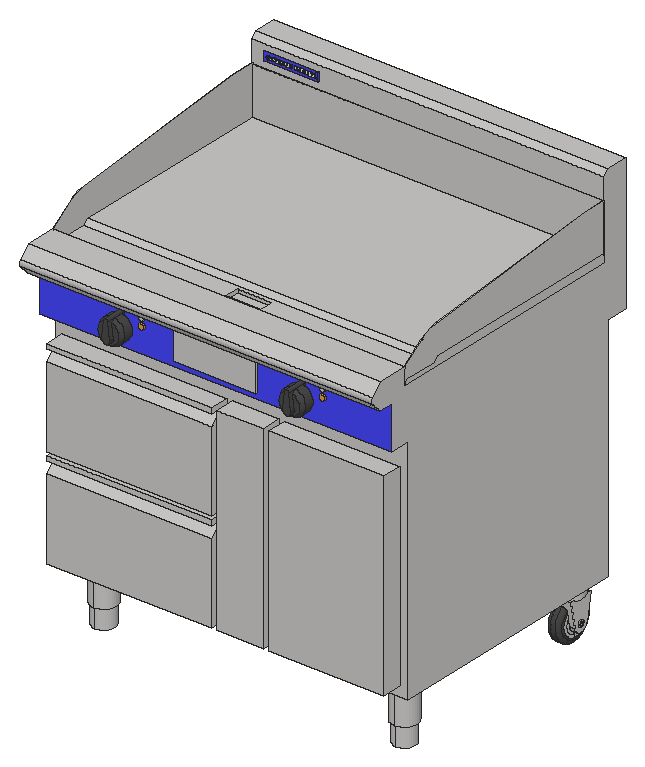
Revit family "QF_MOFFAT_BLUESEAL_AU_EP516-RB", category Specialty Equipment, Revit 2012
Parameters
  Weight in Pounds = 347  # constant formula
  Width [instance] = 900 mm  # constant formula
  Watts = 12000 W
  Volts = 400 V
  URL Cutsheet = "www.moffat.com"
  URL = "www.moffat.com"
  Type Mark [instance] = ""
  Status [instance] = ""
  Specification by User [instance] = ""
  Specification by Manufacturer = ""
  Show Logo [instance] = yes
  Show Door [instance] = no
  Show Clearance [instance] = yes
  Show Casters [instance] = yes
  Serial Number = ""
  Seismic Rating = ""
  SMACNA No = ""
  Revision Code [instance] = ""
  Refrigerant Type [instance] = "R134a"
  Phase = 3
  Omniclass Number and Title = ""
  Number of Poles = 1
  NAFEM Spec ID Number = ""
  Model = "EP516-RB"
  Min Ckt Ampacity = 0 A
  Max Overcurrent Protection = 0 A
  Masterspec = ""
  Manufacturer = "MOFFAT BLUESEAL"
  Legs [instance] = not(Show Casters)  # no
  Item Number [instance] = ""
  Installed By [instance] = ""
  Identify Quantity as Lot [instance] = yes
  Height = 1085 mm  # constant formula
  HP = ""
  Furnished By [instance] = ""
  Foodservice Equipment Identifier [instance] = yes
  FL Amps = 16.6 A
  Electrical Remarks [instance] = "16.6A PER PHASE"
  Elec Conn RI Height = 0 mm
  Elec Conn Connection Height = 0 mm
  Drawer Clearance [instance] = and(Show Clearance, and(Drawer))  # yes
  Drawer [instance] = not(Show Door)  # yes
  Door Clearance [instance] = and(Show Clearance, and(Show Door))  # no
  Description = "900MM ELECTRIC GRIDDLE PLATE ON REFRIGERATED BASE"
  Depth [instance] = 812 mm  # constant formula
  Cycle = 50 Hz
  Conn Plug = ""
  Conn Conduit = yes
  CSI MasterFormat = ""
  CSI Master Format = ""
  Back Splash [instance] = 215 mm  # constant formula
  Apparent Power = if(Phase = 3, Volts * FL Amps * 1.73, Volts * FL Amps)  # 11487.2 VA
Reference planes
  plane 1 "BACK": y = 0
  plane 2: z = 0
  plane 3 "LEFT": x = 0
  plane 4 "RIGHT": x = 900
  plane 5 "FRONT": y = -812
  plane 6 "TOP": z = 970
  plane 7 "Center Y": x = 450
  plane 8 "Center X": y = -406
  plane 9 "Base Height": z = 150
  plane 10: z = 915
  plane 11: x = 65
  plane 12: x = 834
  plane 13: y = -625
  plane 14: x = 770
  plane 15: z = 655
  plane 16: y = -32
  plane 17: z = 402
  plane 18: z = 1085
  plane 19: y = -100
Forms (mm)
  Extrusion 1, solid, material "QF_Finishes_Stainless Steel"
    sketch origin (0, 0, 0) x (0, 1, 0) y (0, 0, 1)
      loop
        line (-697, 150) -> (-57, 150) -> (-57, 740) -> (0, 740) -> (0, 1085) -> (-57.5, 1085) -> (-70, 1072.5) -> (-70, 875) -> (-705, 875) -> (-705, 915) -> (-783.97, 915) -> (-808.485, 890.485)
        arc (-808.485, 890.485) -> (-811.999, 882) -> (-808.485, 873.515) r 12
        line (-808.485, 873.515) -> (-784.97, 850) -> (-749, 850) -> (-749, 740) -> (-697, 740) -> (-697, 150)
    from 0 to 900
  Revolve 2, solid, material "QF_Finishes_Stainless Steel", visible <- "Legs"
    sketch origin (834, -210, 0) x (0, 1, 0) y (0, 0, -1)
      loop
        line (78.25, -150) -> (110, -150) -> (110, 0) -> (82.5, 0) -> (82.5, -50) -> (78.25, -50) -> (78.25, -150)
      axis (110, -150) -> (110, 0)
    angle from 0 to 360
  Revolve 3, solid, material "QF_Finishes_Stainless Steel"
    sketch origin (834, -735, 0) x (0, 1, 0) y (0, 0, -1)
      loop
        line (78.25, -150) -> (110, -150) -> (110, 0) -> (82.5, 0) -> (82.5, -50) -> (78.25, -50) -> (78.25, -150)
      axis (110, -150) -> (110, 0)
    angle from 0 to 360
  Revolve 4, solid, material "QF_Finishes_Stainless Steel", visible <- "Legs"
    sketch origin (65, -210, 0) x (0, 1, 0) y (0, 0, -1)
      loop
        line (78.25, -150) -> (110, -150) -> (110, 0) -> (82.5, 0) -> (82.5, -50) -> (78.25, -50) -> (78.25, -150)
      axis (110, -150) -> (110, 0)
    angle from 0 to 360
  Revolve 5, solid, material "QF_Finishes_Stainless Steel"
    sketch origin (65, -735, 0) x (0, 1, 0) y (0, 0, -1)
      loop
        line (78.25, -150) -> (110, -150) -> (110, 0) -> (82.5, 0) -> (82.5, -50) -> (78.25, -50) -> (78.25, -150)
      axis (110, -150) -> (110, 0)
    angle from 0 to 360
  Extrusion 6, solid, material "QF_Finishes_Stainless Steel"
    sketch origin (0, 0, 740) x (-1, 0, 0) y (0, 1, 0)
      loop
        circle (-770, -32) r 13.5
    from 0 to -1
  Extrusion 7, solid, material "QF_Finishes_Stainless Steel"
    sketch origin (0, -57, 685) x (0, 0, 1) y (1, 0, 0)
      loop
        circle (-265, 620) r 13.5
    from 0 to 3.18
  Extrusion 8, solid, material "QF_Finishes_Stainless Steel"
    sketch origin (0, -749, 866) x (0, 0, -1) y (1, 0, 0)
      loop
        circle (41.2, 262.505) r 7.15
      loop
        circle (41.2, 725.121) r 7.15
    from 0 to 3.18
  Revolve 9, solid, material "QF_Finishes_Black"
    sketch origin (217.5, 0, 597.8) x (0, 1, 0) y (0, 0, -1)
      loop
        line (-789, -229.5) -> (-766, -229.5) -> (-766, -202) -> (-756, -202) -> (-756, -197) -> (-800, -197) -> (-800, -223.651) -> (-789, -229.5)
      axis (-800, -197) -> (-756, -197)
    angle from 0 to 360
  Extrusion 10, solid, material "QF_Finishes_Black"
    sketch origin (355.77, 0, 597.958) x (-1, 0, 0) y (0, 0, -1)
      loop
        line (127.85, -186.037) -> (133.271, -228.955)
        arc (133.271, -228.955) -> (138.27, -233.842) -> (143.268, -228.955) r 5
        line (143.268, -228.955) -> (148.757, -184.87)
        arc (148.757, -184.87) -> (137.685, -174.371) -> (127.85, -186.037) r 10.487
    from 759 to 808
  Revolve 11, solid, material "QF_Finishes_Black"
    sketch origin (680.116, 0, 597.8) x (0, 1, 0) y (0, 0, -1)
      loop
        line (-789, -229.5) -> (-766, -229.5) -> (-766, -202) -> (-756, -202) -> (-756, -197) -> (-800, -197) -> (-800, -223.651) -> (-789, -229.5)
      axis (-800, -197) -> (-756, -197)
    angle from 0 to 360
  Extrusion 12, solid, material "QF_Finishes_Black"
    sketch origin (818.385, 0, 597.958) x (-1, 0, 0) y (0, 0, -1)
      loop
        line (127.85, -186.037) -> (133.271, -228.955)
        arc (133.271, -228.955) -> (138.27, -233.842) -> (143.268, -228.955) r 5
        line (143.268, -228.955) -> (148.757, -184.87)
        arc (148.757, -184.87) -> (137.685, -174.371) -> (127.85, -186.037) r 10.487
    from 759 to 808
  Revolve 13, solid, material "QF_Finishes_Stainless Steel", visible <- "Show Casters"
    sketch origin (485.423, -100.755, -12.798) x (1, 0, 0) y (0, 0, 1)
      loop
        line (314.841, 63.604) -> (383.584, 63.604) -> (383.584, 67.109) -> (382.314, 68.379) -> (380.79, 68.379) -> (380.79, 71.826) -> (368.644, 71.826) -> (368.644, 81.79) -> (365.088, 83.843) -> (363.738, 92.179) -> (365.881, 92.179) -> (365.881, 98.529) -> (365.088, 98.529) -> (365.088, 104.879)
        arc (365.088, 104.879) -> (362.298, 111.614) -> (355.563, 114.404) r 9.525
        line (355.563, 114.404) -> (342.863, 114.404)
        arc (342.863, 114.404) -> (336.127, 111.614) -> (333.338, 104.879) r 9.525
        line (333.338, 104.879) -> (333.338, 98.529) -> (332.544, 98.529) -> (332.544, 92.179) -> (334.687, 92.179) -> (333.352, 83.932) -> (329.782, 81.871) -> (329.782, 71.826) -> (317.635, 71.826) -> (317.635, 68.379) -> (316.111, 68.379) -> (314.841, 67.109) -> (314.841, 63.604)
      axis (314.841, 63.604) -> (383.584, 63.604)
    angle from 0 to 360
  Extrusion 14, solid, material "QF_Finishes_Stainless Steel", visible <- "Show Casters"
    sketch origin (841.147, 132.353, -9.137) x (0, 1, 0) y (0, 0, 1)
      loop
        line (-200.603, 118.783) -> (-264.103, 118.783) -> (-251.746, 53.895)
        arc (-251.746, 53.895) -> (-232.353, 38.783) -> (-212.959, 53.895) r 20
        line (-212.959, 53.895) -> (-200.603, 118.783)
    from -35.667 to 22.923
  Revolve 15, solid, material "QF_Finishes_Stainless Steel", visible <- "Show Casters"
    sketch origin (834.646, -204, -0.354) x (0, 1, 0) y (0, 0, 1)
      loop
        line (68.25, 150) -> (68.25, 110) -> (104, 110) -> (104, 150) -> (68.25, 150)
      axis (104, 150) -> (104, 110)
    angle from 0 to 360
  Revolve 16, solid, material "QF_Finishes_Stainless Steel", visible <- "Show Casters"
    sketch origin (-283.577, -100.755, -12.798) x (1, 0, 0) y (0, 0, 1)
      loop
        line (314.841, 63.604) -> (383.584, 63.604) -> (383.584, 67.109) -> (382.314, 68.379) -> (380.79, 68.379) -> (380.79, 71.826) -> (368.644, 71.826) -> (368.644, 81.79) -> (365.088, 83.843) -> (363.738, 92.179) -> (365.881, 92.179) -> (365.881, 98.529) -> (365.088, 98.529) -> (365.088, 104.879)
        arc (365.088, 104.879) -> (362.298, 111.614) -> (355.563, 114.404) r 9.525
        line (355.563, 114.404) -> (342.863, 114.404)
        arc (342.863, 114.404) -> (336.127, 111.614) -> (333.338, 104.879) r 9.525
        line (333.338, 104.879) -> (333.338, 98.529) -> (332.544, 98.529) -> (332.544, 92.179) -> (334.687, 92.179) -> (333.352, 83.932) -> (329.782, 81.871) -> (329.782, 71.826) -> (317.635, 71.826) -> (317.635, 68.379) -> (316.111, 68.379) -> (314.841, 67.109) -> (314.841, 63.604)
      axis (314.841, 63.604) -> (383.584, 63.604)
    angle from 0 to 360
  Extrusion 17, solid, material "QF_Finishes_Stainless Steel", visible <- "Show Casters"
    sketch origin (72.147, 132.353, -9.137) x (0, 1, 0) y (0, 0, 1)
      loop
        line (-200.603, 118.783) -> (-264.103, 118.783) -> (-251.746, 53.895)
        arc (-251.746, 53.895) -> (-232.353, 38.783) -> (-212.959, 53.895) r 20
        line (-212.959, 53.895) -> (-200.603, 118.783)
    from -35.667 to 22.923
  Revolve 18, solid, material "QF_Finishes_Stainless Steel", visible <- "Show Casters"
    sketch origin (65.646, -204, -0.354) x (0, 1, 0) y (0, 0, 1)
      loop
        line (68.25, 150) -> (68.25, 110) -> (104, 110) -> (104, 150) -> (68.25, 150)
      axis (104, 150) -> (104, 110)
    angle from 0 to 360
  Extrusion 19, solid, material "QF_Finishes_Orange"
    sketch origin (0, -749, 866) x (0, 0, -1) y (1, 0, 0)
      loop
        circle (61.2, 262.505) r 7.15
      loop
        circle (61.2, 725.121) r 7.15
    from 0 to 3.18
  Extrusion 20, solid, material "QF_Finishes_Stainless Steel"
    sketch origin (0, -749, 866) x (0, 0, -1) y (1, 0, 0)
      loop
        line (112.1, 345) -> (112.1, 555) -> (25.201, 555) -> (25.201, 345) -> (112.1, 345)
    from 0 to 2
  Extrusion 21, solid, material "QF_Finishes_Stainless Steel"
    sketch origin (0, -751, 866) x (0, 0, -1) y (1, 0, 0)
      loop
        line (31, 555) -> (24, 555) -> (24, 345) -> (31, 345) -> (31, 555)
    from 0 to 5
  Extrusion 22, solid, material "QF_Finishes_Stainless Steel"
    sketch origin (0, 0, 0) x (0, 1, 0) y (0, 0, 1)
      loop
        line (-699, 678) -> (-747, 678) -> (-747, 665) -> (-715.13, 665) -> (-749, 636.579) -> (-749, 431) -> (-699, 431) -> (-699, 678)
      loop
        line (-749, 175) -> (-699, 175) -> (-699, 421) -> (-747, 421) -> (-747, 408) -> (-715.13, 408) -> (-749, 379.579) -> (-749, 175)
    from 17.986 to 440
  Extrusion 23, solid, material "QF_Finishes_Stainless Steel"
    sketch origin (723.5, 0, 0) x (0, 1, 0) y (0, 0, 1)
      loop
        line (-699, 678) -> (-749, 678) -> (-749, 175) -> (-699, 175) -> (-699, 678)
    from -270.5 to -150.5
  Extrusion 24, solid, material "QF_Door-Drawer Clearances", visible <- "Show Clearance", detail levels coarse
    sketch origin (0, -749, 676) x (0, 0, -1) y (1, 0, 0)
      loop
        line (501, 440) -> (255, 440) -> (255, 17.986) -> (501, 17.986) -> (501, 440)
      loop
        line (245, 440) -> (-2, 440) -> (-2, 17.986) -> (245, 17.986) -> (245, 440)
    from 0 to 304.8
  Extrusion 25, solid, material "QF_Finishes_Stainless Steel"
    sketch origin (1031.5, 0, 0) x (0, 1, 0) y (0, 0, 1)
      loop
        line (-699, 678) -> (-749, 678) -> (-749, 175) -> (-699, 175) -> (-699, 678)
    from -444.5 to -150.5
Cuts and joins
  joined: Extrusion 20, Extrusion 21
Lines and regions (mm)
  Split face 1
    outline origin (0, 612.322, 1085) x (0, -1, 0) y (1, 0, 0)
      loop
        arc (657.707, 566) -> (652.707, 574.66) -> (642.707, 574.66) r 10
        line (642.707, 574.66) -> (635.707, 570.619)
        arc (635.707, 570.619) -> (632.047, 566.959) -> (630.707, 561.959) r 10
        line (630.707, 561.959) -> (630.707, 334)
        arc (630.707, 334) -> (635.707, 325.34) -> (645.707, 325.34) r 10
        line (645.707, 325.34) -> (652.707, 329.381)
        arc (652.707, 329.381) -> (656.368, 333.041) -> (657.707, 338.041) r 10
        line (657.707, 338.041) -> (657.707, 566)
  Split face 2
    outline origin (0, 612.322, 1085) x (0, -1, 0) y (1, 0, 0)
      loop
        arc (630.707, 624) -> (635.707, 615.34) -> (645.707, 615.34) r 10
        line (645.707, 615.34) -> (652.707, 619.381)
        arc (652.707, 619.381) -> (656.368, 623.041) -> (657.707, 628.041) r 10
        line (657.707, 628.041) -> (657.707, 856)
        arc (657.707, 856) -> (652.707, 864.66) -> (642.707, 864.66) r 10
        line (642.707, 864.66) -> (635.707, 860.619)
        arc (635.707, 860.619) -> (632.047, 856.959) -> (630.707, 851.959) r 10
        line (630.707, 851.959) -> (630.707, 624)
  Split face 3
    outline origin (0, 612.322, 1085) x (0, -1, 0) y (1, 0, 0)
      loop
        arc (657.707, 276) -> (652.707, 284.66) -> (642.707, 284.66) r 10
        line (642.707, 284.66) -> (635.707, 280.619)
        arc (635.707, 280.619) -> (632.047, 276.959) -> (630.707, 271.959) r 10
        line (630.707, 271.959) -> (630.707, 44)
        arc (630.707, 44) -> (635.707, 35.34) -> (645.707, 35.34) r 10
        line (645.707, 35.34) -> (652.707, 39.381)
        arc (652.707, 39.381) -> (656.368, 43.041) -> (657.707, 48.041) r 10
        line (657.707, 48.041) -> (657.707, 276)
  Split face 4
    outline origin (345, -751, 753.9) x (0, 0, -1) y (1, 0, 0)
      loop
        arc (-69, 112) -> (-73, 116) -> (-77, 112) r 4
        line (-77, 112) -> (-77, 98)
        arc (-77, 98) -> (-73, 94) -> (-69, 98) r 4
        line (-69, 98) -> (-69, 112)
  Split face 5
    outline origin (1031.5, -749, 676) x (0, 0, -1) y (1, 0, 0)
      loop
        line (291.62, -416.534) -> (481.62, -416.534) -> (481.62, -181.534) -> (291.62, -181.534) -> (291.62, -416.534)
  Split face 6
    outline origin (1031.5, -749, 931) x (0, 0, -1) y (1, 0, 0)
      loop
        line (291.62, -416.534) -> (356.62, -416.534) -> (356.62, -181.534) -> (291.62, -181.534) -> (291.62, -416.534)
  Split face 7
    outline origin (1031.5, -749, 807.725) x (0, 0, -1) y (1, 0, 0)
      loop
        line (307.841, -274.649) -> (342.841, -274.649) -> (342.841, -219.649) -> (307.841, -219.649) -> (307.841, -274.649)
  Split face 8
    outline origin (939.097, -749, 808.536) x (0, 0, -1) y (1, 0, 0)
      loop
        line (307.841, -274.649) -> (342.841, -274.649) -> (342.841, -239.649) -> (307.841, -239.649) -> (307.841, -274.649)
  symbolic lines
    curve 1: line (0, 0, 0) -> (0, -812, 0)
    curve 2: line (900, 0, 0) -> (0, 0, 0)
    curve 3: line (900, -812, 0) -> (900, 0, 0)
    curve 4: line (0, -812, 0) -> (900, -812, 0)
    curve 13: line (0, -783.97, 0) -> (900, -783.97, 0)
    curve 14: line (44, -18.385, 0) -> (271.959, -18.385, 0)
    curve 15: arc (271.959, -18.385, 0) -> (276.959, -19.725, 0) -> (280.619, -23.385, 0) r 10
    curve 16: line (280.619, -23.385, 0) -> (284.66, -30.385, 0)
    curve 17: arc (284.66, -30.385, 0) -> (284.66, -40.385, 0) -> (276, -45.385, 0) r 10
    curve 18: line (276, -45.385, 0) -> (48.041, -45.385, 0)
    curve 19: arc (48.041, -45.385, 0) -> (43.041, -44.045, 0) -> (39.381, -40.385, 0) r 10
    curve 20: line (39.381, -40.385, 0) -> (35.34, -33.385, 0)
    curve 21: arc (35.34, -33.385, 0) -> (35.34, -23.385, 0) -> (44, -18.385, 0) r 10
    curve 22: line (561.959, -18.385, 0) -> (334, -18.385, 0)
    curve 23: arc (334, -18.385, 0) -> (325.34, -23.385, 0) -> (325.34, -33.385, 0) r 10
    curve 24: line (325.34, -33.385, 0) -> (329.381, -40.385, 0)
    curve 25: arc (329.381, -40.385, 0) -> (333.041, -44.045, 0) -> (338.041, -45.385, 0) r 10
    curve 26: line (338.041, -45.385, 0) -> (566, -45.385, 0)
    curve 27: arc (566, -45.385, 0) -> (574.66, -40.385, 0) -> (574.66, -30.385, 0) r 10
    curve 28: line (574.66, -30.385, 0) -> (570.619, -23.385, 0)
    curve 29: arc (570.619, -23.385, 0) -> (566.959, -19.725, 0) -> (561.959, -18.385, 0) r 10
    curve 30: line (851.959, -18.385, 0) -> (624, -18.385, 0)
    curve 31: arc (624, -18.385, 0) -> (615.34, -23.385, 0) -> (615.34, -33.385, 0) r 10
    curve 32: line (615.34, -33.385, 0) -> (619.381, -40.385, 0)
    curve 33: arc (619.381, -40.385, 0) -> (623.041, -44.045, 0) -> (628.041, -45.385, 0) r 10
    curve 34: line (628.041, -45.385, 0) -> (856, -45.385, 0)
    curve 35: arc (856, -45.385, 0) -> (864.66, -40.385, 0) -> (864.66, -30.385, 0) r 10
    curve 36: line (864.66, -30.385, 0) -> (860.619, -23.385, 0)
    curve 37: arc (860.619, -23.385, 0) -> (856.959, -19.725, 0) -> (851.959, -18.385, 0) r 10
    curve 38: line (900, -57, 0) -> (0, -57, 0)
  symbolic lines, style "SpecialityEquipmentHiddenLines", visible <- "Show Casters"
    curve 5: line (875.952, -62.61, 0) -> (825.152, -150.598, 0)
    curve 6: line (848.456, -46.735, 0) -> (875.952, -62.61, 0)
    curve 7: line (797.656, -134.723, 0) -> (848.456, -46.735, 0)
    curve 8: line (825.152, -150.598, 0) -> (797.656, -134.723, 0)
    curve 9: line (106.952, -62.61, 0) -> (56.152, -150.598, 0)
    curve 10: line (79.456, -46.735, 0) -> (106.952, -62.61, 0)
    curve 11: line (28.656, -134.723, 0) -> (79.456, -46.735, 0)
    curve 12: line (56.152, -150.598, 0) -> (28.656, -134.723, 0)
  symbolic lines, style "QF_Door-Drawer Clearances"
    curve 39: line (17.986, -1053.8, 0) -> (17.986, -812, 0)
    curve 40: line (17.986, -1053.8, 0) -> (440, -1053.8, 0)
    curve 41: line (440, -1053.8, 0) -> (440, -812, 0)
Dimensions and locks
  equal spacing: plane 3 "LEFT", plane 7 "Center Y", plane 4 "RIGHT"
  "Width": plane 3 "LEFT" to plane 4 "RIGHT"
  equal spacing: plane 5 "FRONT", plane 8 "Center X", plane 1 "BACK"
  "Depth": plane 5 "FRONT" to plane 1 "BACK"
  locked: plane 10 to level at 915
  locked: plane 9 "Base Height" to level at 150
  plane 6 "TOP" to plane 10 = 55 mm
  plane 12 to plane 11 = 769 mm
  plane 14 to plane 4 "RIGHT" = 130 mm
  plane 15 to level = 655 mm
  plane 16 to plane 1 "BACK" = 32 mm
  plane 17 to level = 402 mm
  Revolve 13 sketch curve to Revolve 13 sketch curve = 50.8 mm
  Revolve 16 sketch curve to Revolve 16 sketch curve = 50.8 mm
  "Height": plane 18 to level
  aligned and locked: level to plane 2
Automatic sketch dimensions
  Extrusion 1 sketch curve to plane 10 = 0 mm
  Extrusion 1 sketch curve to plane 9 "Base Height" = 0 mm
  Extrusion 1 sketch curve to plane 18 = 0 mm
  Extrusion 1 sketch curve to plane 1 "BACK" = 0 mm
  Extrusion 1 sketch curve to plane 16 = 25 mm
  Extrusion 1 sketch curve to plane 16 = 25.5 mm
  Extrusion 1 sketch curve to plane 19 = 30 mm
  Extrusion 1 sketch curve to plane 13 = 72 mm
  Extrusion 1 sketch curve to plane 13 = 80 mm
  Extrusion 1 sketch curve to Extrusion 1 sketch curve = 44 mm
  Extrusion 1 sketch curve to plane 5 "FRONT" = 28.03 mm
  Extrusion 1 sketch curve to plane 5 "FRONT" = 27.03 mm
  Extrusion 1 sketch curve to plane 5 "FRONT" = 12.001 mm
  Extrusion 1 sketch curve to plane 5 "FRONT" = 3.515 mm  (x2)
  plane 15 to Extrusion 1 sketch curve = 85 mm  (x2)
  Extrusion 1 sketch curve to plane 10 = 65 mm
  Extrusion 1 sketch curve to Extrusion 1 sketch curve = 23.515 mm
  Extrusion 1 sketch curve to Extrusion 1 sketch curve = 40 mm
  Extrusion 1 sketch curve to Extrusion 1 sketch curve = 8.485 mm
  Extrusion 1 sketch curve to plane 18 = 12.5 mm
  Revolve 2 sketch curve to plane 9 "Base Height" = 0 mm
  Revolve 2 sketch curve to level = 0 mm
  Revolve 2 sketch curve to plane 19 = 0 mm  (x2)
  plane 19 to Revolve 2 sketch curve = 27.5 mm
  plane 19 to Revolve 2 sketch curve = 31.75 mm
  level to Revolve 2 sketch curve = 50 mm
  Revolve 2 sketch curve to Revolve 2 sketch curve = 0 mm
  Revolve 2 sketch curve to Revolve 2 sketch curve = 55 mm
  Revolve 3 sketch curve to plane 9 "Base Height" = 0 mm
  Revolve 3 sketch curve to level = 0 mm
  Revolve 3 sketch curve to plane 13 = 0 mm  (x2)
  Revolve 3 sketch curve to plane 13 = 27.5 mm
  Revolve 3 sketch curve to plane 13 = 31.75 mm
  level to Revolve 3 sketch curve = 50 mm
  Revolve 3 sketch curve to Revolve 3 sketch curve = 0 mm
  Revolve 3 sketch curve to Revolve 3 sketch curve = 55 mm
  Revolve 4 sketch curve to plane 9 "Base Height" = 0 mm
  Revolve 4 sketch curve to level = 0 mm
  Revolve 4 sketch curve to plane 19 = 0 mm  (x2)
  plane 19 to Revolve 4 sketch curve = 27.5 mm
  plane 19 to Revolve 4 sketch curve = 31.75 mm
  level to Revolve 4 sketch curve = 50 mm
  Revolve 4 sketch curve to Revolve 4 sketch curve = 0 mm
  Revolve 4 sketch curve to Revolve 4 sketch curve = 55 mm
  Revolve 5 sketch curve to plane 9 "Base Height" = 0 mm
  Revolve 5 sketch curve to level = 0 mm
  Revolve 5 sketch curve to plane 13 = 0 mm  (x2)
  Revolve 5 sketch curve to plane 13 = 27.5 mm
  Revolve 5 sketch curve to plane 13 = 31.75 mm
  level to Revolve 5 sketch curve = 50 mm
  Revolve 5 sketch curve to Revolve 5 sketch curve = 0 mm
  Revolve 5 sketch curve to Revolve 5 sketch curve = 55 mm
  Extrusion 6 sketch curve to Extrusion 1 = 25 mm
  Extrusion 6 sketch curve to Extrusion 1 = 130 mm
  Extrusion 1 to Extrusion 7 sketch curve = 270 mm
  Extrusion 1 to Extrusion 7 sketch curve = 280 mm
  Extrusion 8 sketch curve to Extrusion 1 = 25.2 mm  (x2)
  Extrusion 1 to Extrusion 8 sketch curve = 262.505 mm
  Extrusion 1 to Extrusion 8 sketch curve = 174.879 mm
  Revolve 9 sketch curve to plane 5 "FRONT" = 12 mm
  Revolve 9 sketch curve to Revolve 9 sketch curve = 0 mm  (x2)
  Revolve 9 sketch curve to Revolve 9 sketch curve = 11 mm
  Revolve 9 sketch curve to Revolve 9 sketch curve = 12.7 mm
  Revolve 9 sketch curve to Revolve 9 sketch curve = 23 mm
  Revolve 9 sketch curve to Revolve 9 sketch curve = 10 mm
  Revolve 9 sketch curve to plane 10 = 87.7 mm
  Revolve 9 sketch curve to Revolve 9 sketch curve = 5.849 mm
  Revolve 9 sketch curve to Revolve 9 sketch curve = 27.5 mm
  Revolve 9 sketch curve to Revolve 9 sketch curve = 5 mm
  plane 11 to Extrusion 10 sketch curve = 162.919 mm
  Extrusion 10 sketch curve to Extrusion 10 sketch curve = 5.421 mm
  Extrusion 10 sketch curve to Extrusion 10 sketch curve = 10.419 mm
  Extrusion 10 sketch curve to Extrusion 10 sketch curve = 4.999 mm  (x2)
  Extrusion 10 sketch curve to plane 10 = 88.087 mm
  Extrusion 10 sketch curve to Extrusion 10 sketch curve = 10.487 mm
  Extrusion 10 sketch curve to Extrusion 10 sketch curve = 0.113 mm
  Extrusion 10 sketch curve to Extrusion 10 sketch curve = 42.919 mm
  Extrusion 10 sketch curve to Extrusion 10 sketch curve = 1.167 mm
  Revolve 11 sketch curve to plane 5 "FRONT" = 12 mm
  Revolve 11 sketch curve to Revolve 11 sketch curve = 0 mm  (x2)
  Revolve 11 sketch curve to Revolve 11 sketch curve = 11 mm
  Revolve 11 sketch curve to Revolve 11 sketch curve = 12.7 mm
  Revolve 11 sketch curve to Revolve 11 sketch curve = 23 mm
  Revolve 11 sketch curve to Revolve 11 sketch curve = 10 mm
  Revolve 11 sketch curve to plane 10 = 87.7 mm
  Revolve 11 sketch curve to Revolve 11 sketch curve = 5.849 mm
  Revolve 11 sketch curve to Revolve 11 sketch curve = 27.5 mm
  Revolve 11 sketch curve to Revolve 11 sketch curve = 5 mm
  Extrusion 12 sketch curve to Extrusion 12 sketch curve = 5.421 mm
  Extrusion 12 sketch curve to Extrusion 12 sketch curve = 10.419 mm
  Extrusion 12 sketch curve to Extrusion 12 sketch curve = 4.999 mm  (x2)
  Extrusion 12 sketch curve to Extrusion 12 sketch curve = 10.487 mm
  Extrusion 12 sketch curve to plane 10 = 88.087 mm
  Extrusion 12 sketch curve to Extrusion 12 sketch curve = 0.113 mm
  Extrusion 12 sketch curve to Extrusion 12 sketch curve = 42.919 mm
  Extrusion 12 sketch curve to Extrusion 12 sketch curve = 1.167 mm
  plane 14 to Revolve 13 sketch curve = 30.264 mm
  Revolve 13 sketch curve to Revolve 13 sketch curve = 1.27 mm  (x4)
  Revolve 13 sketch curve to Revolve 13 sketch curve = 1.524 mm  (x2)
  Revolve 13 sketch curve to Revolve 13 sketch curve = 12.146 mm  (x2)
  plane 12 to Revolve 13 sketch curve = 16.033 mm
  Revolve 13 sketch curve to Revolve 13 sketch curve = 0.794 mm  (x2)
  Revolve 13 sketch curve to Revolve 13 sketch curve = 3.57 mm
  Revolve 13 sketch curve to Revolve 13 sketch curve = 2.143 mm
  plane 12 to Revolve 13 sketch curve = 5.715 mm
  Revolve 13 sketch curve to plane 12 = 5.776 mm
  Revolve 13 sketch curve to plane 12 = 6.985 mm
  Revolve 13 sketch curve to Revolve 13 sketch curve = 8.176 mm
  Revolve 13 sketch curve to Revolve 13 sketch curve = 1.349 mm  (x2)
  Revolve 13 sketch curve to Revolve 13 sketch curve = 3.556 mm
  Revolve 13 sketch curve to plane 4 "RIGHT" = 2.327 mm
  level to Revolve 13 sketch curve = 50.806 mm
  Revolve 13 sketch curve to Revolve 13 sketch curve = 0 mm
  Revolve 13 sketch curve to Revolve 13 sketch curve = 3.505 mm  (x2)
  Revolve 13 sketch curve to Revolve 13 sketch curve = 3.447 mm  (x2)
  Revolve 13 sketch curve to Revolve 13 sketch curve = 9.964 mm
  Revolve 13 sketch curve to Revolve 13 sketch curve = 10.045 mm
  Revolve 13 sketch curve to Revolve 13 sketch curve = 2.053 mm
  Revolve 13 sketch curve to Revolve 13 sketch curve = 2.061 mm
  Revolve 13 sketch curve to Revolve 13 sketch curve = 8.247 mm
  Revolve 13 sketch curve to Revolve 13 sketch curve = 8.336 mm
  Revolve 13 sketch curve to Revolve 13 sketch curve = 6.35 mm  (x2)
  Extrusion 14 sketch curve to plane 19 = 0 mm
  plane 19 to Extrusion 14 sketch curve = 19.393 mm
  plane 19 to Extrusion 14 sketch curve = 31.75 mm
  Extrusion 14 sketch curve to plane 19 = 19.393 mm
  Extrusion 14 sketch curve to plane 19 = 31.75 mm
  level to Extrusion 14 sketch curve = 44.758 mm
  Extrusion 14 sketch curve to Extrusion 14 sketch curve = 4.889 mm
  Extrusion 14 sketch curve to plane 9 "Base Height" = 40.354 mm
  Revolve 15 sketch curve to plane 19 = 0 mm  (x2)
  Revolve 15 sketch curve to plane 9 "Base Height" = 0.354 mm
  Revolve 15 sketch curve to Revolve 15 sketch curve = 35.75 mm
  Revolve 15 sketch curve to Revolve 15 sketch curve = 40 mm
  level to Revolve 15 sketch curve = 49.646 mm
  Revolve 15 sketch curve to level = 55.354 mm
  plane 3 "LEFT" to Revolve 16 sketch curve = 31.264 mm
  Revolve 16 sketch curve to Revolve 16 sketch curve = 1.27 mm  (x4)
  Revolve 16 sketch curve to Revolve 16 sketch curve = 1.524 mm  (x2)
  Revolve 16 sketch curve to Revolve 16 sketch curve = 12.146 mm  (x2)
  Revolve 16 sketch curve to plane 11 = 16.033 mm
  Revolve 16 sketch curve to Revolve 16 sketch curve = 0.794 mm  (x2)
  Revolve 16 sketch curve to Revolve 16 sketch curve = 3.57 mm
  Revolve 16 sketch curve to Revolve 16 sketch curve = 2.143 mm
  Revolve 16 sketch curve to plane 11 = 5.715 mm
  plane 11 to Revolve 16 sketch curve = 5.776 mm
  plane 11 to Revolve 16 sketch curve = 6.985 mm
  Revolve 16 sketch curve to Revolve 16 sketch curve = 8.176 mm
  Revolve 16 sketch curve to Revolve 16 sketch curve = 1.349 mm  (x2)
  Revolve 16 sketch curve to Revolve 16 sketch curve = 3.556 mm
  Revolve 16 sketch curve to Revolve 16 sketch curve = 33.32 mm
  level to Revolve 16 sketch curve = 50.806 mm
  Revolve 16 sketch curve to Revolve 16 sketch curve = 0 mm
  Revolve 16 sketch curve to Revolve 16 sketch curve = 3.505 mm  (x2)
  Revolve 16 sketch curve to Revolve 16 sketch curve = 3.447 mm  (x2)
  Revolve 16 sketch curve to Revolve 16 sketch curve = 9.964 mm
  Revolve 16 sketch curve to Revolve 16 sketch curve = 10.045 mm
  Revolve 16 sketch curve to Revolve 16 sketch curve = 2.053 mm
  Revolve 16 sketch curve to Revolve 16 sketch curve = 2.061 mm
  Revolve 16 sketch curve to Revolve 16 sketch curve = 8.247 mm
  Revolve 16 sketch curve to Revolve 16 sketch curve = 8.336 mm
  Revolve 16 sketch curve to Revolve 16 sketch curve = 6.35 mm  (x2)
  Extrusion 17 sketch curve to plane 19 = 0 mm
  plane 19 to Extrusion 17 sketch curve = 19.393 mm
  plane 19 to Extrusion 17 sketch curve = 31.75 mm
  Extrusion 17 sketch curve to plane 19 = 19.393 mm
  Extrusion 17 sketch curve to plane 19 = 31.75 mm
  level to Extrusion 17 sketch curve = 44.758 mm
  Extrusion 17 sketch curve to Extrusion 17 sketch curve = 4.889 mm
  Extrusion 17 sketch curve to plane 9 "Base Height" = 40.354 mm
  Revolve 18 sketch curve to plane 19 = 0 mm  (x2)
  Revolve 18 sketch curve to plane 9 "Base Height" = 0.354 mm
  plane 19 to Revolve 18 sketch curve = 35.75 mm
  Revolve 18 sketch curve to Revolve 18 sketch curve = 40 mm
  level to Revolve 18 sketch curve = 49.646 mm
  Revolve 18 sketch curve to level = 55.354 mm
  Split face 1 sketch curve to Extrusion 1 = 18.385 mm
  Split face 1 sketch curve to Split face 1 sketch curve = 5 mm  (x2)
  Split face 1 sketch curve to Split face 1 sketch curve = 10 mm  (x3)
  Split face 1 sketch curve to Split face 1 sketch curve = 7 mm  (x4)
  Split face 1 sketch curve to Extrusion 1 = 325.34 mm
  Split face 1 sketch curve to Split face 1 sketch curve = 4.041 mm  (x2)
  Split face 1 sketch curve to Split face 1 sketch curve = 223.917 mm
  Split face 2 sketch curve to Extrusion 1 = 18.385 mm
  Split face 2 sketch curve to Split face 2 sketch curve = 5 mm  (x3)
  Split face 2 sketch curve to Split face 2 sketch curve = 10 mm  (x2)
  Split face 2 sketch curve to Split face 2 sketch curve = 7 mm  (x4)
  Split face 2 sketch curve to Extrusion 1 = 284.66 mm
  Split face 2 sketch curve to Split face 2 sketch curve = 4.041 mm  (x2)
  Split face 2 sketch curve to Extrusion 1 = 48.041 mm
  Split face 3 sketch curve to Extrusion 1 = 18.385 mm
  Split face 3 sketch curve to Split face 3 sketch curve = 5 mm  (x2)
  Split face 3 sketch curve to Split face 3 sketch curve = 10 mm  (x3)
  Split face 3 sketch curve to Split face 3 sketch curve = 7 mm  (x4)
  Split face 3 sketch curve to Extrusion 1 = 35.34 mm
  Split face 3 sketch curve to Split face 3 sketch curve = 4.041 mm  (x2)
  Split face 3 sketch curve to Split face 3 sketch curve = 223.917 mm
  Extrusion 19 sketch curve to Extrusion 1 = 45.2 mm  (x2)
  Extrusion 1 to Extrusion 19 sketch curve = 262.505 mm
  Extrusion 1 to Extrusion 19 sketch curve = 174.879 mm
  Extrusion 20 sketch curve to Extrusion 1 = 9.201 mm
  Extrusion 20 sketch curve to Extrusion 1 = 13.9 mm
  Extrusion 1 to Extrusion 20 sketch curve = 345 mm
  Extrusion 20 sketch curve to Extrusion 20 sketch curve = 210 mm
  Extrusion 21 sketch curve to Extrusion 20 = 0 mm  (x2)
  Extrusion 20 to Extrusion 21 sketch curve = 1.201 mm
  Extrusion 21 sketch curve to Extrusion 20 = 5.799 mm
  cut or joined group of Extrusion 20, Extrusion 21 to Split face 4 sketch curve = 4.1 mm
  Split face 4 sketch curve to Split face 4 sketch curve = 4 mm
  Split face 4 sketch curve to cut or joined group of Extrusion 20, Extrusion 21 = 98 mm
  Split face 4 sketch curve to Split face 4 sketch curve = 14 mm
  Extrusion 12 sketch curve to plane 14 = 79.465 mm
  Extrusion 22 sketch curve to plane 15 = 18.421 mm
  Extrusion 22 sketch curve to plane 5 "FRONT" = 63 mm  (x2)
  plane 9 "Base Height" to Extrusion 22 sketch curve = 25 mm
  plane 17 to Extrusion 22 sketch curve = 6 mm
  Extrusion 22 sketch curve to Extrusion 22 sketch curve = 2 mm  (x2)
  plane 15 to Extrusion 22 sketch curve = 10 mm
  Extrusion 22 sketch curve to Extrusion 22 sketch curve = 31.87 mm  (x2)
  Extrusion 22 sketch curve to Extrusion 22 sketch curve = 50 mm
  Extrusion 22 sketch curve to Extrusion 22 sketch curve = 0 mm
  Extrusion 22 sketch curve to plane 17 = 22.421 mm
  plane 17 to Extrusion 22 sketch curve = 19 mm
  Extrusion 22 sketch curve to Extrusion 22 sketch curve = 10 mm
  Extrusion 22 sketch curve to Extrusion 22 sketch curve = 13 mm
  plane 9 "Base Height" to Extrusion 23 sketch curve = 25 mm
  Extrusion 23 sketch curve to plane 5 "FRONT" = 63 mm
  Extrusion 23 sketch curve to Extrusion 23 sketch curve = 50 mm
  plane 15 to Extrusion 23 sketch curve = 23 mm
  Extrusion 24 sketch curve to Extrusion 22 = 0 mm  (x3)
  Extrusion 22 to Extrusion 24 sketch curve = 0 mm  (x2)
  Extrusion 22 to Extrusion 24 sketch curve = 41.421 mm
  Extrusion 22 to Extrusion 24 sketch curve = 10 mm
  Extrusion 24 sketch curve to Extrusion 24 sketch curve = 246 mm
  plane 9 "Base Height" to Extrusion 25 sketch curve = 25 mm
  Extrusion 25 sketch curve to plane 5 "FRONT" = 63 mm
  Extrusion 25 sketch curve to Extrusion 25 sketch curve = 50 mm
  plane 15 to Extrusion 25 sketch curve = 23 mm
  Split face 5 sketch curve to Extrusion 25 = 31.034 mm
  Split face 5 sketch curve to Extrusion 25 = 209.38 mm
  Split face 5 sketch curve to Extrusion 25 = 19.38 mm
  Split face 5 sketch curve to Extrusion 25 = 27.966 mm
  Split face 6 sketch curve to Extrusion 25 = 38.62 mm
  Split face 6 sketch curve to Extrusion 25 = 27.966 mm
  Split face 6 sketch curve to Split face 6 sketch curve = 65 mm
  Split face 6 sketch curve to Extrusion 25 = 31.034 mm
  Split face 7 sketch curve to Extrusion 25 = 69.149 mm
  Split face 7 sketch curve to Extrusion 25 = 178.116 mm
  Split face 7 sketch curve to Split face 7 sketch curve = 35 mm
  Split face 7 sketch curve to Split face 7 sketch curve = 55 mm
  Split face 8 sketch curve to Extrusion 25 = 177.305 mm
  Split face 8 sketch curve to Split face 8 sketch curve = 35 mm  (x2)
  Split face 8 sketch curve to Extrusion 25 = 77.448 mm
  plane 1 "BACK" to curve 1 = 0 mm
  curve 1 to plane 3 "LEFT" = 0 mm
  plane 5 "FRONT" to curve 39 = 0 mm
  curve 3 to plane 4 "RIGHT" = 0 mm
  plane 3 "LEFT" to curve 40 = 17.986 mm
  plane 3 "LEFT" to curve 11 = 28.656 mm
  curve 21 to plane 16 = 1.385 mm
  curve 21 to plane 11 = 29.66 mm
  curve 21 to curve 19 = 4.041 mm
  plane 16 to curve 21 = 3.615 mm
  curve 21 to curve 21 = 8.66 mm
  curve 20 to curve 19 = 8.66 mm
  curve 9 to plane 11 = 8.848 mm
  plane 11 to curve 11 = 14.456 mm
  plane 16 to curve 15 = 3.615 mm
  curve 9 to curve 15 = 165.007 mm
  curve 15 to curve 17 = 4.041 mm
  plane 16 to curve 15 = 8.615 mm
  plane 16 to curve 17 = 1.615 mm
  curve 16 to curve 17 = 4.041 mm
  curve 23 to plane 16 = 1.385 mm
  curve 16 to curve 23 = 40.679 mm
  curve 24 to plane 16 = 8.385 mm
  curve 24 to curve 24 = 4.041 mm
  curve 23 to curve 23 = 8.66 mm
  curve 25 to plane 16 = 3.385 mm
  curve 23 to curve 25 = 4.041 mm
  curve 41 to plane 7 "Center Y" = 10 mm
  plane 16 to curve 29 = 3.615 mm
  plane 7 "Center Y" to curve 29 = 111.959 mm
  curve 29 to curve 26 = 4.041 mm
  curve 22 to curve 29 = 8.66 mm
  plane 16 to curve 27 = 1.615 mm
  curve 28 to curve 27 = 4.041 mm
  curve 31 to plane 16 = 1.385 mm
  curve 28 to curve 31 = 40.679 mm
  curve 32 to plane 16 = 8.385 mm
  curve 32 to curve 32 = 4.041 mm
  plane 16 to curve 31 = 3.615 mm
  curve 32 to curve 31 = 8.66 mm
  curve 32 to curve 34 = 8.66 mm
  plane 14 to curve 7 = 27.656 mm
  plane 12 to curve 5 = 8.848 mm
  curve 7 to plane 12 = 14.456 mm
  curve 30 to plane 12 = 17.959 mm
  curve 6 to curve 35 = 7.544 mm
  plane 16 to curve 36 = 8.615 mm
  curve 37 to curve 36 = 8.66 mm
  plane 16 to curve 36 = 1.615 mm
  curve 37 to curve 36 = 4.041 mm
  curve 39 to curve 39 = 241.8 mm
  curve 13 to plane 5 "FRONT" = 28.03 mm
  plane 19 to curve 5 = 50.598 mm
  plane 19 to curve 12 = 50.598 mm
  curve 5 to curve 8 = 15.875 mm
  curve 9 to curve 11 = 15.875 mm
  curve 38 to plane 16 = 25 mm
  curve 6 to curve 34 = 1.35 mm
  curve 17 to plane 16 = 13.385 mm
  curve 19 to curve 21 = 7 mm
  plane 16 to curve 23 = 3.615 mm
  radius of Extrusion 6 sketch curve = 13.5 mm
  radius of Extrusion 7 sketch curve = 13.5 mm
  radius of Extrusion 8 sketch curve = 7.15 mm  (x2)
  radius of Extrusion 19 sketch curve = 7.15 mm  (x2)
Nested families
  nested 1: "WALDORF LOGO_FACE BASE" at (32, -70, 1056.885) x (1, 0, 0) z (0, -1, 0), visible <- "Show Logo", type "WALDORF LOGO_FACE BASE", detail levels medium+fine
    with Show Logo yes
  nested 2: "ELECTRIC GRIDDLE PLATE" at (0, -70, 874.5), type "ELECTRIC GRIDDLE PLATE"
    with Type Mark "", Status "", Specification by User "", Revision Code "", Item Number "", Installed By "", Identify Quantity as Lot yes, Furnished By "", Foodservice Equipment Identifier yes
  nested 3: "ELECTRICAL CONNECTION 2" at (607.581, -57, 407.3), type "ELECTRICAL CONNECTION 2"
    with Type Mark "", Status "", Specification by User "", Revision Code "", Number of Poles 1, Item Number "", Installed By "", Identify Quantity as Lot yes, Furnished By "", Foodservice Equipment Identifier yes, Electrical Remarks "", Electric Connection Type "", Elec Conn RI Height 0 mm, Elec Conn Connection Height 0 mm
Connectors
  electrical at (620, -53.82, 420)
    settings: on Extrusion 7, index 2, voltage 220 V, apparent load 0 VA, apparent load phase1 0 VA, apparent load phase2 0 VA, apparent load phase3 0 VA, power factor 1, load classification "Other", number of poles 1, system type 30, power factor state 1, is connector primary yes, connector utility no, sub classification motor no, connector description "ELECTRICAL CONNECTION"
  electrical at (770, -32, 741), driven by "Volts", driven by "Watts"
    settings: on Extrusion 6, index 3, voltage 400 V, apparent load 12000 VA, apparent load phase1 0 VA, apparent load phase2 0 VA, apparent load phase3 0 VA, power factor 1, load classification "Other", number of poles 1, system type 30, power factor state 1, is connector primary no, connector utility no, sub classification motor no, connector description "ELECTRICAL CONNECTION"
Definition of nested family "WALDORF LOGO_FACE BASE"
  Parameters (values of type "WALDORF LOGO_FACE BASE")
    Show Logo [instance] = yes
    Default Elevation = 1219.2 mm
  Reference planes
    plane 1 "Center (Front/Back)": y = 0
    plane 2: z = 0
    plane 3 "Center (Left/Right)": x = 0
  Forms (mm)
    Extrusion 1, solid
      sketch origin (0, 0, 0) x (1, 0, 0) y (0, 1, 0)
        loop
          line (-1219.2, 1219.2) -> (-1219.2, -1219.2) -> (1219.2, -1219.2) -> (1219.2, 1219.2) -> (-1219.2, 1219.2)
      from 0 to -304.8
    Extrusion 2, solid, material "QF_Finishes_Blue", visible <- "Show Logo"
      sketch origin (0, -33.217, 0) x (1, 0, 0) y (0, 1, 0)
        loop
          arc (138, 31.942) -> (137.626, 32.844) -> (136.724, 33.217) r 1.276
          line (136.724, 33.217) -> (1.29, 33.217)
          arc (1.29, 33.217) -> (0.378, 32.839) -> (0, 31.927) r 1.29
          line (0, 31.927) -> (0, 11.507)
          arc (0, 11.507) -> (0.378, 10.595) -> (1.29, 10.217) r 1.29
          line (1.29, 10.217) -> (136.71, 10.217)
          arc (136.71, 10.217) -> (137.622, 10.595) -> (138, 11.507) r 1.29
          line (138, 11.507) -> (138, 31.942)
      from 0 to 1.588
    Extrusion 3, solid, material "QF_Finishes_White", visible <- "Show Logo"
      sketch origin (0, -33.217, 1.588) x (1, 0, 0) y (0, 1, 0)
        loop
          arc (108.946, 25.919) -> (107.613, 25.367) -> (107.061, 24.034) r 1.885
          line (107.061, 24.034) -> (107.061, 17.211) -> (112.704, 17.211) -> (112.704, 19.129) -> (115.546, 19.129) -> (115.546, 17.211) -> (121.584, 17.211) -> (121.584, 24.075)
          arc (121.584, 24.075) -> (121.043, 25.379) -> (119.739, 25.919) r 1.845
          line (119.739, 25.919) -> (108.946, 25.919)
        loop
          line (123.478, 25.919) -> (123.478, 17.163) -> (134.904, 17.163) -> (134.904, 19.129) -> (129.246, 19.129) -> (129.246, 25.919) -> (123.478, 25.919)
        loop
          line (112.704, 21.258) -> (115.546, 21.258) -> (115.546, 22.702)
          arc (115.546, 22.702) -> (115.344, 23.188) -> (114.858, 23.389) r 0.687
          line (114.858, 23.389) -> (113.363, 23.389)
          arc (113.363, 23.389) -> (112.897, 23.196) -> (112.704, 22.73) r 0.658
          line (112.704, 22.73) -> (112.704, 21.258)
        loop
          line (105.071, 25.919) -> (93.771, 25.919) -> (93.771, 17.163) -> (105.071, 17.163) -> (105.071, 19.063) -> (99.535, 19.063) -> (99.535, 20.437) -> (105.071, 20.437) -> (105.071, 22.278) -> (99.535, 22.278) -> (99.535, 23.587) -> (105.071, 23.587) -> (105.071, 25.919)
        loop
          line (91.104, 25.919) -> (79.541, 25.919)
          arc (79.541, 25.919) -> (78.558, 25.513) -> (78.152, 24.53) r 1.389
          line (78.152, 24.53) -> (78.152, 22.08)
          arc (78.152, 22.08) -> (78.558, 21.098) -> (79.541, 20.691) r 1.389
          line (79.541, 20.691) -> (86.346, 20.691) -> (86.346, 18.864) -> (83.266, 18.864) -> (83.266, 19.664) -> (78.152, 19.664) -> (78.152, 18.553)
          arc (78.152, 18.553) -> (78.558, 17.57) -> (79.541, 17.163) r 1.389
          line (79.541, 17.163) -> (91.063, 17.163)
          arc (91.063, 17.163) -> (92.045, 17.57) -> (92.452, 18.553) r 1.389
          line (92.452, 18.553) -> (92.452, 20.691)
          arc (92.452, 20.691) -> (92.045, 21.673) -> (91.063, 22.08) r 1.389
          line (91.063, 22.08) -> (83.266, 22.08) -> (83.266, 23.984) -> (86.346, 23.984) -> (86.346, 22.743) -> (92.452, 22.743) -> (92.452, 24.571)
          arc (92.452, 24.571) -> (92.057, 25.524) -> (91.104, 25.919) r 1.348
        loop
          line (70.705, 25.919) -> (59.405, 25.919) -> (59.405, 17.163) -> (70.705, 17.163) -> (70.705, 19.063) -> (65.169, 19.063) -> (65.169, 20.437) -> (70.705, 20.437) -> (70.705, 22.278) -> (65.169, 22.278) -> (65.169, 23.587) -> (70.705, 23.587) -> (70.705, 25.919)
        loop
          line (57.598, 25.919) -> (51.7, 25.919) -> (51.7, 20.18)
          arc (51.7, 20.18) -> (50.63, 19.11) -> (49.56, 20.18) r 1.07
          line (49.56, 20.18) -> (49.56, 25.919) -> (43.663, 25.919) -> (43.663, 19.049)
          arc (43.663, 19.049) -> (44.215, 17.716) -> (45.548, 17.163) r 1.885
          line (45.548, 17.163) -> (55.71, 17.163)
          arc (55.71, 17.163) -> (57.045, 17.716) -> (57.598, 19.051) r 1.887
          line (57.598, 19.051) -> (57.598, 25.919)
        loop
          line (31.62, 25.919) -> (31.62, 17.163) -> (43.046, 17.163) -> (43.046, 19.129) -> (37.388, 19.129) -> (37.388, 25.919) -> (31.62, 25.919)
        loop
          line (15.969, 25.919) -> (15.969, 17.163) -> (28.693, 17.163)
          arc (28.693, 17.163) -> (29.812, 17.627) -> (30.276, 18.746) r 1.582
          line (30.276, 18.746) -> (30.276, 20.447) -> (29.48, 21.243) -> (30.276, 22.039) -> (30.276, 24.332)
          arc (30.276, 24.332) -> (29.811, 25.454) -> (28.688, 25.919) r 1.587
          line (28.688, 25.919) -> (15.969, 25.919)
        loop
          line (21.449, 24.159) -> (21.449, 22.436) -> (23.862, 22.436)
          arc (23.862, 22.436) -> (24.723, 23.298) -> (23.862, 24.159) r 0.861
          line (23.862, 24.159) -> (21.449, 24.159)
        loop
          line (21.449, 20.244) -> (21.449, 18.522) -> (23.862, 18.522)
          arc (23.862, 18.522) -> (24.723, 19.383) -> (23.862, 20.244) r 0.861
          line (23.862, 20.244) -> (21.449, 20.244)
      from 0 to 0.2
    Extrusion 4, solid, material "QF_Finishes_Blue", visible <- "Show Logo"
      sketch origin (-126.498, -31.09, 1.588) x (1, 0, 0) y (0, 1, 0)
        loop
          line (136.738, 23.522) -> (136.738, 15.1)
          arc (136.738, 15.1) -> (140.756, 19.311) -> (136.738, 23.522) r 4.216
      from 0 to 0.2
    Extrusion 5, solid, material "QF_Finishes_Red", visible <- "Show Logo"
      sketch origin (146.849, -31.09, 1.588) x (-1, 0, 0) y (0, -1, 0)
        loop
          arc (136.738, -23.522) -> (140.756, -19.311) -> (136.738, -15.1) r 4.216
          line (136.738, -15.1) -> (136.738, -23.522)
      from 0 to 0.2
  Lines and regions (mm)
    Split face 1
      outline origin (-90.35, -30.793, 1.588) x (1, 0, 0) y (0, 1, 0)
        loop
          circle (100.54, 19.013) r 4.536
  Dimensions and locks
    aligned and locked: plane 2 to Extrusion 1
    aligned and locked: level to Extrusion 1
Definition of nested family "ELECTRIC GRIDDLE PLATE"
  Parameters (values of type "ELECTRIC GRIDDLE PLATE")
    Weight in Pounds = 0
    URL Cutsheet = ""
    Type Mark [instance] = ""
    Status [instance] = ""
    Specification by User [instance] = ""
    Specification by Manufacturer = ""
    Serial Number = ""
    Seismic Rating = ""
    SMACNA No = ""
    Revision Code [instance] = ""
    Omniclass Number and Title = ""
    NAFEM Spec ID Number = ""
    Masterspec = ""
    Item Number [instance] = ""
    Installed By [instance] = ""
    Identify Quantity as Lot [instance] = yes
    Furnished By [instance] = ""
    Foodservice Equipment Identifier [instance] = yes
    CSI MasterFormat = ""
    CSI Master Format = ""
  Reference planes
    plane 1 "BACK": y = 0
    plane 2: z = 0
    plane 3 "LEFT": x = 0
    plane 4 "RIGHT": x = 900
    plane 5 "FRONT": y = -635
    plane 6 "TOP": z = 142.5
    plane 7 "Center Y": x = 450
    plane 8 "Center X": y = -317.5
  Forms (mm)
    Extrusion 1, solid, material "QF_Finishes_Stainless Steel"
      sketch origin (0, 70.003, -874.5) x (0, 1, 0) y (0, 0, 1)
        loop
          line (-70, 875) -> (-70, 1017) -> (-127.048, 1017) -> (-605.133, 971.023)
          arc (-605.133, 971.023) -> (-630.16, 965.303) -> (-652.906, 953.399) r 100
          line (-652.906, 953.399) -> (-705.003, 916.5) -> (-705.003, 875) -> (-70, 875)
      from 0 to 1.8
    Extrusion 2, solid, material "QF_Finishes_Stainless Steel"
      sketch origin (900, 0, 0) x (0, -1, 0) y (0, 0, 1)
        loop
          line (57.045, 142.5) -> (-0.003, 142.5) -> (-0.003, 0.5) -> (635, 0.5) -> (635, 42) -> (582.903, 78.899)
          arc (582.903, 78.899) -> (560.157, 90.803) -> (535.13, 96.523) r 100
          line (535.13, 96.523) -> (57.045, 142.5)
      from 0 to 1.8
    Extrusion 3, solid, material "QF_Finishes_Stainless Steel"
      sketch origin (150, 70.003, -874.5) x (0, 1, 0) y (0, 0, 1)
        loop
          line (-70, 895) -> (-601, 895) -> (-611.5, 884.5) -> (-704.403, 884.5) -> (-704.403, 875) -> (-70, 875) -> (-70, 895)
      from -148.2 to 750
    Extrusion 4, void
      sketch origin (150, -541.497, 10) x (0, -1, 0) y (1, 0, 0)
        loop
          line (10.6, 344.25) -> (10.6, 255.75) -> (49.1, 255.75) -> (49.1, 344.25) -> (10.6, 344.25)
      from -41.4 to 40.142
    Extrusion 5, solid, material "QF_Finishes_Stainless Steel"
      sketch origin (150, 0.003, 211.574) x (0, 0, -1) y (1, 0, 0)
        loop
          line (69.074, -148.2) -> (191.074, -148.2) -> (191.074, 750) -> (69.074, 750) -> (69.074, -148.2)
      from 0 to 1.683
  Cuts and joins
    Extrusion 4 cuts Extrusion 3
  Lines and regions (mm)
    symbolic lines
      curve 1: line (900, -530.997, 0) -> (0, -530.997, 0)
      curve 2: line (0, -541.497, 0) -> (900, -541.497, 0)
      curve 3: line (405.75, -552.097, 0) -> (405.75, -590.597, 0)
      curve 4: line (405.75, -590.597, 0) -> (494.25, -590.597, 0)
      curve 5: line (494.25, -590.597, 0) -> (494.25, -552.097, 0)
      curve 6: line (494.25, -552.097, 0) -> (405.75, -552.097, 0)
      curve 7: line (0, 0, 0) -> (900, 0, 0)
      curve 8: line (0, -635, 0) -> (0, 0, 0)
      curve 9: line (0, -635, 0) -> (900, -635, 0)
      curve 10: line (900, -635, 0) -> (900, 0, 0)
  Dimensions and locks
    equal spacing: plane 3 "LEFT", plane 7 "Center Y", plane 4 "RIGHT"
    plane 3 "LEFT" to plane 4 "RIGHT" = 900 mm
    equal spacing: plane 5 "FRONT", plane 8 "Center X", plane 1 "BACK"
    plane 5 "FRONT" to plane 1 "BACK" = 635 mm
    aligned and locked: level to plane 2
    aligned and locked: cut or joined group of Extrusion 3, Extrusion 4 to plane 4 "RIGHT"
    aligned and locked: Extrusion 5 to plane 4 "RIGHT"
  Automatic sketch dimensions
    plane 3 "LEFT" to curve 9 = 0 mm
    curve 4 to plane 7 "Center Y" = 44.25 mm
    plane 7 "Center Y" to curve 5 = 44.25 mm
    curve 3 to plane 5 "FRONT" = 44.403 mm
    curve 3 to curve 3 = 38.5 mm
    curve 2 to plane 5 "FRONT" = 93.503 mm
    curve 2 to curve 1 = 10.5 mm
    plane 1 "BACK" to curve 8 = 0 mm
    Extrusion 1 sketch curve to plane 5 "FRONT" = 0 mm
    Extrusion 1 sketch curve to plane 6 "TOP" = 0 mm
    Extrusion 1 sketch curve to plane 5 "FRONT" = 52.097 mm
    Extrusion 1 sketch curve to plane 6 "TOP" = 45.977 mm
    Extrusion 1 sketch curve to Extrusion 1 sketch curve = 47.773 mm
    Extrusion 1 sketch curve to level = 3.016 mm
    Extrusion 1 sketch curve to Extrusion 1 sketch curve = 9.585 mm
    plane 1 "BACK" to Extrusion 1 sketch curve = 57.045 mm
    Extrusion 1 sketch curve to plane 1 "BACK" = 0.003 mm
    level to Extrusion 1 sketch curve = 0.5 mm
    Extrusion 1 sketch curve to Extrusion 1 sketch curve = 41.5 mm
    Extrusion 3 sketch curve to plane 5 "FRONT" = 0.6 mm
    level to Extrusion 3 sketch curve = 10 mm
    Extrusion 3 sketch curve to Extrusion 3 sketch curve = 92.903 mm
    Extrusion 3 sketch curve to Extrusion 3 sketch curve = 10.5 mm  (x2)
    Extrusion 3 sketch curve to plane 1 "BACK" = 0.003 mm
    level to Extrusion 3 sketch curve = 0.5 mm
    Extrusion 3 to Extrusion 4 sketch curve = 10.6 mm
    Extrusion 4 sketch curve to Extrusion 4 sketch curve = 38.5 mm
    Extrusion 3 to Extrusion 4 sketch curve = 494.25 mm
    Extrusion 4 sketch curve to Extrusion 4 sketch curve = 88.5 mm
    Extrusion 5 sketch curve to plane 6 "TOP" = 0 mm
    level to Extrusion 5 sketch curve = 20.5 mm
    plane 3 "LEFT" to Extrusion 5 sketch curve = 1.8 mm
    plane 7 "Center Y" to Extrusion 5 sketch curve = 450 mm
    plane 5 "FRONT" to curve 9 = 0 mm
    Extrusion 2 sketch curve to plane 6 "TOP" = 0 mm
    Extrusion 2 sketch curve to plane 5 "FRONT" = 0 mm
    Extrusion 2 sketch curve to plane 5 "FRONT" = 52.097 mm
    Extrusion 2 sketch curve to Extrusion 2 sketch curve = 47.773 mm
    Extrusion 2 sketch curve to level = 3.016 mm
    Extrusion 2 sketch curve to Extrusion 2 sketch curve = 57.358 mm
    plane 1 "BACK" to Extrusion 2 sketch curve = 57.045 mm
    Extrusion 2 sketch curve to plane 1 "BACK" = 0.003 mm
    level to Extrusion 2 sketch curve = 0.5 mm
    Extrusion 2 sketch curve to Extrusion 2 sketch curve = 41.5 mm
    Extrusion 2 sketch curve to plane 6 "TOP" = 63.601 mm
    curve 10 to plane 4 "RIGHT" = 0 mm
Definition of nested family "ELECTRICAL CONNECTION 2"
  Parameters (values of type "ELECTRICAL CONNECTION 2")
    Weight in Pounds = 0
    Watts = if(Phase = 3, Volts * FL Amps * 1.73, Volts * FL Amps)  # 414 W
    Volts = 230 V
    URL Cutsheet = ""
    Type Mark [instance] = ""
    Status [instance] = ""
    Specification by User [instance] = ""
    Specification by Manufacturer = ""
    Serial Number = ""
    Seismic Rating = ""
    SMACNA No = ""
    Revision Code [instance] = ""
    Phase = 1
    Omniclass Number and Title = ""
    Number of Poles [instance] = 1
    NAFEM Spec ID Number = ""
    Min Ckt Ampacity = 0 A
    Max Overcurrent Protection = 0 A
    Masterspec = ""
    Item Number [instance] = ""
    Installed By [instance] = ""
    Identify Quantity as Lot [instance] = yes
    HP = ""
    Furnished By [instance] = ""
    Foodservice Equipment Identifier [instance] = yes
    FL Amps = 1.8 A
    Electrical Remarks [instance] = ""
    Electric Connection Type [instance] = ""
    Elec Conn RI Height [instance] = 0 mm
    Elec Conn Connection Height [instance] = 0 mm
    Cycle = 50 Hz
    Conn Plug = ""
    Conn Conduit = yes
    CSI MasterFormat = ""
    CSI Master Format = ""
    Apparent Power = if(Phase = 3, Volts * FL Amps * 1.73, Volts * FL Amps)  # 414 VA
  Reference planes
    plane 1 "BACK": y = 0
    plane 2: z = 0
    plane 3 "LEFT": x = 0
    plane 4 "RIGHT": x = 25.4
    plane 5 "FRONT": y = -25.4
    plane 6 "TOP": z = 25.4
    plane 7 "Center Y": x = 12.7
    plane 8 "Center X": y = -12.7
  Forms (mm)
    Extrusion 1, solid, material "QF_Finishes_Stainless Steel"
      sketch origin (0, 0, 0) x (1, 0, 0) y (0, 1, 0)
        loop
          line (0, 0) -> (0, -25.4) -> (25.4, -25.4) -> (25.4, 0) -> (0, 0)
      from 0 to 25.4
  Dimensions and locks
    equal spacing: plane 3 "LEFT", plane 7 "Center Y", plane 4 "RIGHT"
    plane 3 "LEFT" to plane 4 "RIGHT" = 25.4 mm
    equal spacing: plane 5 "FRONT", plane 8 "Center X", plane 1 "BACK"
    plane 5 "FRONT" to plane 1 "BACK" = 25.4 mm
    aligned and locked: level to plane 2
  Automatic sketch dimensions
    Extrusion 1 sketch curve to plane 3 "LEFT" = 0 mm
    Extrusion 1 sketch curve to plane 4 "RIGHT" = 0 mm
    plane 5 "FRONT" to Extrusion 1 sketch curve = 0 mm
    plane 1 "BACK" to Extrusion 1 sketch curve = 0 mm
